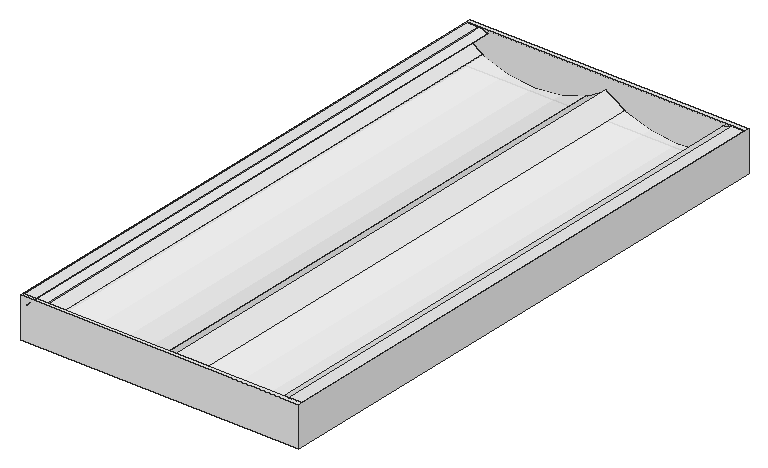
Revit family "Alcon-14087-Revit-Family", category Lighting Fixtures, host Face, Revit 2026
Family settings
  Host = Face
  Round Connector Dimension = Use Diameter
  Part Type = Normal
  Classification Number = 23.80.70.11.17
  Cut with Voids When Loaded = No
  Light Source = Yes
  Maintain Annotation Orientation = No
  Shared = No
  Room Calculation Point = No
Parameters (values of type "14087-4'")
  Width = 1' - 11 13/16"  # constant formula
  Weight = 0.00 lbf
  Watts = 59 W
  Wattage Comments = "29 Watts - 59 Watts"  # constant formula
  Wattage = 40.4734 W
  Warranty URL = "https://www.alconlighting.com/media/product_files/alcon_lighting/14087-Specification-Sheet.pdf"
  Voltage Note = "Universal voltage (120-277 Vac) Input 50/60 Hz"  # constant formula
  built-in parameter 1150110 = 1 (stored number, unit not read)
  Voltage = 120 V
  Version = 2
  URL = "https://www.alconlighting.com"
  built-in parameter 1114217 = 1 (stored number, unit not read)
  Tilt Angle = 90.00°  # constant formula
  built-in parameter 1150109 = 1 (stored number, unit not read)
  built-in parameter 1150134 = 2
  built-in parameter 1150113 = 1 (stored number, unit not read)
  Rendering Note = "For accurate photometric rendering please refer to LSI for instructions"  # constant formula
  Product Page URL = "https://www.alconlighting.com/14087.html"
  Product Name = "LED Troffer Panel Light Recessed"  # constant formula
  Product Documentation Link = "https://www.alconlighting.com/media/product_files/alcon_lighting/14087-Specification-Sheet.pdf"
  Power Factor = 0.95
  Photometric Web File = "Select File (Match Photometric File Name)"
  Photometric File Name = "Default - please load Revit Family Type Catalog"
  Operating Temperature = "-40°C to +40°C (-40°F to +104°F)"  # constant formula
  Number of Poles = 1
  Model = ""
  Manufacturer = "Alcon Lighting"  # constant formula
  built-in parameter 1150105 = 478.42 (stored number, unit not read)
  Lumens = 6012 lm
  built-in parameter 1150115 = 1 (stored number, unit not read)
  Load Classification = Lighting
  built-in parameter 1150137 = (empty or 0)
  built-in parameter 1150139 = (empty or 0)
  Lens Material = Glass - Clear
  Length = 4' - 0"
  built-in parameter 1150112 = 1 (stored number, unit not read)
  built-in parameter 1150114 = 1 (stored number, unit not read)
  Lamp = "LED"  # constant formula
  LEED Credit = ""
  built-in parameter 1150132 = 2
  built-in parameter 1150102 = (empty or 0)
  built-in parameter 1150107 = 5000 (stored number, unit not read)
  built-in parameter 1150138 = (empty or 0)
  built-in parameter 1150106 = 4.7842 (stored number, unit not read)
  Housing Material = Aluminum - Powder Coated - White
  Emit from Rectangle Width = Width  # 1' - 11 13/16"
  Emit from Rectangle Length = Length  # 4' - 0"
  Emit Shape Visible in Rendering = no
  Emergency Luminaire Shading [instance] = no
  built-in parameter 1150104 = 13.8 (stored number, unit not read)
  Dimming Lamp Color Temperature Shift = <None>
  Description = "High Efficiency LED for Recessed Installation"  # constant formula
  Depth = 0' - 3 3/8"  # constant formula
  Default Elevation = 4' - 0"
  Date Updated = "2025/03/31"  # constant formula
  Date Created = "2024/03/31"  # constant formula
  Copyright = "© 2025 Alcon Lighting"  # constant formula
  Connector Description = "Connector for Electrical Power"  # constant formula
  Color Filter = 16777215
  built-in parameter 1114216 [instance] = 1 (stored number, unit not read)
  built-in parameter 1114218 = 1 (stored number, unit not read)
  built-in parameter 1150133 = 10 (stored number, unit not read)
  Assembly Code = "D5020200"
  Apparent Power = Watts / Power Factor  # 62.1053 VA
Reference planes (in)
  plane 1 "Center (Front/Back)": y = 0
  plane 2: z = 0
  plane 3 "Center (Left/Right)": x = 0
  plane 4: y = 24
  plane 5: y = -24
  plane 6: x = -11.90625
  plane 7: x = 11.90625
  plane 8: z = 0
  plane 9: z = -3.38583
Forms (in)
  Extrusion 1, void
    sketch origin (0, 0, 0) x (1, 0, 0) y (0, 1, 0)
      loop
        line (-11.90625, 24) -> (-11.90625, -24) -> (11.90625, -24) -> (11.90625, 24) -> (-11.90625, 24)
    from -3.38583 to 0
Dimensions and locks (in)
  imposter light to plane 3 "Center (Left/Right)" = 0' - 0"
  equal spacing: plane 4, plane 1 "Center (Front/Back)", plane 5
  "Length": plane 4 to plane 5
  locked: host face to imposter light
  equal spacing: plane 6, plane 3 "Center (Left/Right)", plane 7
  locked: plane 2 to plane 9 at 3.38583
  "Width": plane 6 to plane 7
  aligned and locked: plane 2 to host face
  aligned and locked: plane 3 "Center (Left/Right)" to imposter light
  aligned and locked: plane 3 "Center (Left/Right)" to nested 1
  aligned and locked: plane 1 "Center (Front/Back)" to nested 1
  aligned and locked: imposter light to plane 1 "Center (Front/Back)"
  aligned and locked: plane 1 "Center (Front/Back)" to nested 2
  aligned and locked: plane 3 "Center (Left/Right)" to nested 2
  aligned and locked: plane 8 to imposter light
  aligned and locked: plane 2 to nested 1
  aligned and locked: level to Extrusion 1
  aligned and locked: plane 6 to Extrusion 1 sketch curve
  aligned and locked: Extrusion 1 sketch curve to plane 7
  aligned and locked: plane 5 to Extrusion 1 sketch curve
  aligned and locked: Extrusion 1 sketch curve to plane 4
  aligned and locked: Extrusion 1 to plane 9
Automatic sketch dimensions
  host sketch curve to host sketch curve = 8' - 0"  (x2)
Nested families (in)
  nested 1: "Housing" at (0, 0, 0), type "SLI"
  nested 2: "Emergency_Shading" at (0, 0, 0), visible <- "Emergency Luminaire Shading", type "Emergency_Shading"
Connectors (in)
  electrical at (0, 0, -3.35458), driven by "Number of Poles", driven by "Load Classification", driven by "Voltage", driven by "Apparent Power", driven by "Power Factor", driven by "Connector Description"
    settings: on nested 1, index 1, voltage 120 V, apparent load 62.1053 VA, apparent load phase1 0 VA, apparent load phase2 0 VA, apparent load phase3 0 VA, power factor 0.95, load classification "Lighting", number of poles 1, system type 30, power factor state 1, is connector primary yes, connector utility no, sub classification motor no, connector description "Connector for Electrical Power"
Definition of nested family "Housing"
  Parameters
    Material = none
    Lens Material = none
    Length = 4' - 0"
    Default Elevation = 0' - 0"
  Reference planes (in)
    plane 1 "Center (Front/Back)": y = 0
    plane 2: z = 0
    plane 3 "Center (Left/Right)": x = 0
    plane 4: y = 24
    plane 5: y = -24
    plane 6: y = 23.6875
    plane 7: y = -23.6875
  Forms (in)
    Extrusion 1, solid, material <- "Material", detail levels coarse
      sketch origin (0, 0, 0) x (1, 0, 0) y (0, 1, 0)
        loop
          line (-11.90945, 24) -> (-11.90945, -24) -> (11.90945, -24) -> (11.90945, 24) -> (-11.90945, 24)
      from -3.38583 to 0
    Extrusion 2, solid, material <- "Material", detail levels medium+fine
      sketch origin (0, 0, 0) x (1, 0, 0) y (0, 0, 1)
        loop
          line (-11.56769, -1.34166) -> (-11.56769, -0.76061) -> (-10.83147, -0.02438) -> (-10.11301, -0.28588)
          arc (-10.11301, -0.28588) -> (-10.09298, -0.27654) -> (-10.10232, -0.25652) r 0.01562
          line (-10.10232, -0.25652) -> (-10.80709, 0) -> (-11.8782, 0) -> (-11.8782, -1.16239) -> (-10.57566, -2.07444) -> (-10.55774, -2.04884) -> (-11.56769, -1.34166)
        loop
          line (11.56769, -1.34166) -> (10.55774, -2.04884) -> (10.57566, -2.07444) -> (11.8782, -1.16239) -> (11.8782, 0) -> (10.80709, 0) -> (10.10232, -0.25652)
          arc (10.10232, -0.25652) -> (10.09298, -0.27654) -> (10.11301, -0.28588) r 0.01562
          line (10.11301, -0.28588) -> (10.83147, -0.02438) -> (11.56769, -0.76061) -> (11.56769, -1.34166)
        loop
          line (-1.63997, -2.04884) -> (-1.62379, -2.07558) -> (0, -1.0933) -> (1.62379, -2.07558) -> (1.63997, -2.04884) -> (0, -1.05678) -> (-1.63997, -2.04884)
      from -23.6875 to 23.6875
    Extrusion 3, solid, material <- "Lens Material", detail levels medium+fine
      sketch origin (0, 0, 0) x (1, 0, 0) y (0, 0, 1)
        loop
          line (-10.55774, -2.04884) -> (-10.57601, -2.07492)
          arc (-10.57601, -2.07492) -> (-6.09993, -3.0234) -> (-1.62366, -2.07579) r 11.04113
          line (-1.62366, -2.07579) -> (-1.63997, -2.04884)
          arc (-1.63997, -2.04884) -> (-6.09885, -2.99215) -> (-10.55774, -2.04884) r 11.00988
        loop
          arc (10.55774, -2.04884) -> (6.09885, -2.99215) -> (1.63997, -2.04884) r 11.00988
          line (1.63997, -2.04884) -> (1.62366, -2.07579)
          arc (1.62366, -2.07579) -> (6.09993, -3.0234) -> (10.57601, -2.07492) r 11.04113
          line (10.57601, -2.07492) -> (10.55774, -2.04884)
      from -23.6875 to 23.6875
    Extrusion 4, solid, material <- "Material", detail levels medium+fine
      sketch origin (0, 0, 0) x (1, 0, 0) y (0, 1, 0)
        loop
          line (-11.90945, 24) -> (-11.90945, -24) -> (11.90945, -24) -> (11.90945, 24) -> (-11.90945, 24)
      from -3.38583 to 0
    Extrusion 5, void
      sketch origin (0, 0, 0) x (1, 0, 0) y (0, 0, 1)
        loop
          line (-11.8782, 0) -> (-11.8782, -3.35458) -> (11.8782, -3.35458) -> (11.8782, 0) -> (-11.8782, 0)
      from -23.6875 to 23.6875
  Cuts and joins
    Extrusion 5 cuts Extrusion 4
  Lines and regions (in)
    Masking region 1
      outline origin (0, 0, 0) x (1, 0, 0) y (0, 1, 0)
        loop
          line (-11.90945, 24) -> (-11.90945, -24) -> (11.90945, -24) -> (11.90945, 24) -> (-11.90945, 24)
    Masking region 2, detail levels medium+fine
      outline origin (0, 0, 0) x (1, 0, 0) y (0, 1, 0)
        loop
          line (11.8782, -23.6875) -> (11.8782, 23.6875) -> (-11.8782, 23.6875) -> (-11.8782, -23.6875) -> (11.8782, -23.6875)
    symbolic lines, detail levels fine
      curve 1: line (10.57601, 23.6875, 0) -> (10.57601, -23.6875, 0)
      curve 2: line (10.83147, 23.6875, 0) -> (10.83147, -23.6875, 0)
      curve 3: line (-10.57601, 23.6875, 0) -> (-10.57601, -23.6875, 0)
      curve 4: line (-10.83147, 23.6875, 0) -> (-10.83147, -23.6875, 0)
    symbolic lines, detail levels medium+fine
      curve 5: line (-11.56769, 23.6875, 0) -> (-11.56769, -23.6875, 0)
      curve 6: line (-1.63997, 23.6875, 0) -> (-1.63997, -23.6875, 0)
      curve 7: line (0, 23.6875, 0) -> (0, -23.6875, 0)
      curve 8: line (1.63997, 23.6875, 0) -> (1.63997, -23.6875, 0)
      curve 9: line (11.56769, 23.6875, 0) -> (11.56769, -23.6875, 0)
  Dimensions and locks (in)
    equal spacing: plane 4, plane 1 "Center (Front/Back)", plane 5
    "Length": plane 4 to plane 5
    Extrusion 1 sketch curve to plane 3 "Center (Left/Right)" to Extrusion 1 sketch curve = 0' - 11.90945" locked, 0' - 11.90945" locked
    locked: plane 4 to plane 6 at 0.3125
    locked: plane 7 to plane 5 at 0.3125
    Extrusion 4 sketch curve to plane 3 "Center (Left/Right)" to Extrusion 4 sketch curve = 0' - 11.90945" locked, 0' - 11.90945" locked
    aligned and locked: plane 2 to level
    aligned and locked: Extrusion 1 sketch curve to plane 4
    aligned and locked: Extrusion 1 sketch curve to plane 5
    aligned and locked: plane 2 to Extrusion 1
    aligned and locked: Extrusion 2 to plane 6
    aligned and locked: Extrusion 3 to plane 6
    aligned and locked: Extrusion 3 to plane 7
    aligned and locked: Extrusion 2 to plane 7
    aligned and locked: Extrusion 4 sketch curve to plane 4
    aligned and locked: Extrusion 4 sketch curve to plane 5
    aligned and locked: Extrusion 5 sketch curve to plane 2
    aligned and locked: Extrusion 5 to plane 6
    aligned and locked: Extrusion 5 to plane 7
    aligned and locked: plane 7 to Masking region 2 sketch curve
    aligned and locked: Masking region 2 sketch curve to plane 6
    aligned and locked: Masking region 2 sketch curve to cut or joined group of Extrusion 4, Extrusion 5  (x2)
    aligned and locked: plane 6 to curve 1
    aligned and locked: plane 6 to curve 2
    aligned and locked: plane 6 to curve 3
    aligned and locked: plane 6 to curve 4
    aligned and locked: plane 6 to curve 5
    aligned and locked: plane 6 to curve 6
    aligned and locked: plane 6 to curve 7
    aligned and locked: plane 6 to curve 8
    aligned and locked: plane 6 to curve 9
    aligned and locked: plane 7 to curve 1
    aligned and locked: plane 7 to curve 2
    aligned and locked: plane 7 to curve 3
    aligned and locked: plane 7 to curve 4
    aligned and locked: plane 7 to curve 5
    aligned and locked: plane 7 to curve 6
    aligned and locked: plane 7 to curve 7
    aligned and locked: plane 7 to curve 8
    aligned and locked: plane 7 to curve 9
    aligned and locked: curve 9 to Extrusion 2
    aligned and locked: curve 8 to Extrusion 3
    aligned and locked: curve 7 to plane 3 "Center (Left/Right)"
    aligned and locked: curve 6 to Extrusion 3
    aligned and locked: curve 5 to Extrusion 2
    aligned and locked: curve 4 to Extrusion 2
    aligned and locked: curve 3 to Extrusion 3
    aligned and locked: curve 2 to Extrusion 2
    aligned and locked: curve 1 to Extrusion 3
  Automatic sketch dimensions
    Masking region 1 sketch curve to plane 5 = 0' - 0"
    Masking region 1 sketch curve to plane 4 = 0' - 0"
    plane 3 "Center (Left/Right)" to Masking region 1 sketch curve = 0' - 11.90945"
    Extrusion 2 sketch curve to level = 0' - 0"  (x2)
    Extrusion 2 sketch curve to plane 3 "Center (Left/Right)" = 0' - 0"  (x2)
    Extrusion 2 sketch curve to plane 3 "Center (Left/Right)" = 0' - 1.62379"
    Extrusion 2 sketch curve to Extrusion 2 sketch curve = 0' - 0.01617"  (x2)
    Extrusion 2 sketch curve to level = 0' - 0.25652"  (x2)
    Extrusion 2 sketch curve to Extrusion 2 sketch curve = 0' - 0.00534"  (x4)
    Extrusion 2 sketch curve to level = 0' - 0.28588"  (x2)
    Extrusion 2 sketch curve to level = 0' - 2.04884"  (x2)
    Extrusion 2 sketch curve to Extrusion 2 sketch curve = 0' - 0.44474"  (x2)
    Extrusion 2 sketch curve to level = 0' - 2.07444"  (x2)
    Extrusion 2 sketch curve to Extrusion 2 sketch curve = 0' - 0.01792"  (x2)
    Extrusion 2 sketch curve to Extrusion 2 sketch curve = 0' - 0.70477"  (x2)
    Extrusion 2 sketch curve to level = 0' - 0.02438"  (x2)
    Extrusion 2 sketch curve to Extrusion 2 sketch curve = 0' - 0.02438"  (x2)
    Extrusion 2 sketch curve to level = 0' - 1.34166"
    Extrusion 2 sketch curve to Extrusion 2 sketch curve = 0' - 0.31051"  (x2)
    plane 3 "Center (Left/Right)" to Extrusion 2 sketch curve = 0' - 1.62379"
    Extrusion 2 sketch curve to Extrusion 2 sketch curve = 0' - 8.46235"  (x2)
    Extrusion 2 sketch curve to Extrusion 2 sketch curve = 0' - 0.73622"
    Extrusion 2 sketch curve to level = 0' - 2.07558"
    Extrusion 2 sketch curve to Extrusion 2 sketch curve = 0' - 0.02674"
    Extrusion 2 sketch curve to Extrusion 2 sketch curve = 0' - 0.40179"  (x2)
    Extrusion 3 sketch curve to Extrusion 3 sketch curve = 0' - 0"  (x6)
    Extrusion 3 sketch curve to level = 0' - 2.07492"  (x2)
    Extrusion 3 sketch curve to level = 0' - 2.04884"  (x2)
    Extrusion 3 sketch curve to Extrusion 3 sketch curve = 0' - 0.01827"  (x2)
    Extrusion 3 sketch curve to plane 3 "Center (Left/Right)" = 0' - 1.63997"
    Extrusion 3 sketch curve to Extrusion 3 sketch curve = 0' - 0.01631"  (x2)
    plane 3 "Center (Left/Right)" to Extrusion 3 sketch curve = 0' - 1.62366"
    plane 3 "Center (Left/Right)" to Extrusion 3 sketch curve = 0' - 6.09885"
    Extrusion 3 sketch curve to Extrusion 3 sketch curve = 0' - 8.91777"  (x2)
    Extrusion 3 sketch curve to Extrusion 3 sketch curve = 0' - 0.02696"  (x2)
    Masking region 1 sketch curve to plane 3 "Center (Left/Right)" = 0' - 11.90945"
    Extrusion 3 sketch curve to plane 3 "Center (Left/Right)" = 0' - 6.09885"
    Extrusion 5 sketch curve to plane 3 "Center (Left/Right)" = 0' - 11.8782"
    plane 3 "Center (Left/Right)" to Extrusion 5 sketch curve = 0' - 11.8782"
    Extrusion 5 sketch curve to level = 0' - 3.35458"
Definition of nested family "Emergency_Shading"
  Parameters
    Width = 1' - 11 3/4"
    Glass Thickness = 0' - 1"
    Depth = 2' - 0"
  Reference planes (in)
    plane 1 "Center (Front/Back)": y = 0
    plane 2: z = 0
    plane 3 "Center (Left/Right)": x = 0
  Lines and regions (in)
    Filled region 1, type "Solid Fill - Black", in view "Ref. Level"
      outline origin (0, 15.94104, 0) x (1, 0, 0) y (0, 1, 0)
        loop
          line (11.875, -3.94104) -> (-11.875, -3.94104) -> (-11.875, -27.94104) -> (11.875, -3.94104)
  Dimensions and locks (in)
    equal spacing: Filled region 1 sketch curve, plane 3 "Center (Left/Right)", Filled region 1 sketch curve
    "Width": Filled region 1 sketch curve to Filled region 1 sketch curve
    equal spacing: Filled region 1 sketch curve, plane 1 "Center (Front/Back)", Filled region 1 sketch curve
    "Depth": Filled region 1 sketch curve to Filled region 1 sketch curve
